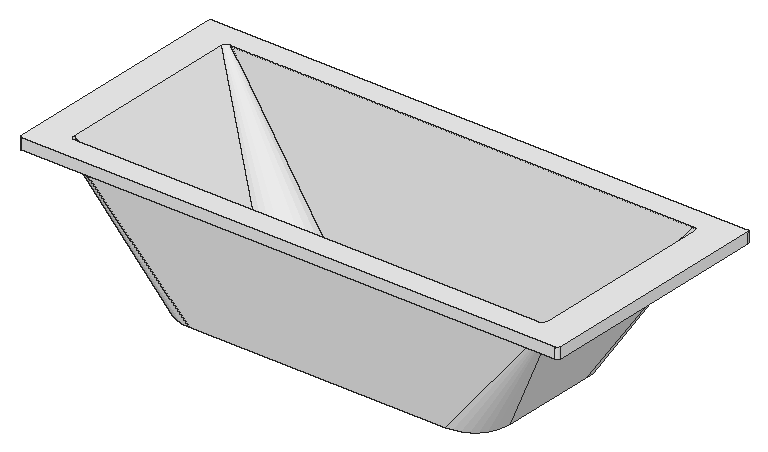
Revit family "NLRS_74_PF_UN_bad_S8B13903000_SPHINX_BCB", category Plumbing Fixtures, Revit 2016
Family settings
  Part Type = Normal
  Round Connector Dimension = Use Radius
  OmniClass Number = 23.45.00.00
  OmniClass Title = Sanitary, Laundry, and Cleaning Equipment
  Work Plane-Based = No
  Always vertical = Yes
  Cut with Voids When Loaded = No
  Shared = No
  Room Calculation Point = No
Parameters
  NLRS_C_type = ""
  NLRS_C_serie = ""
  radius = NLRS_C_diameter_uit / 2  # 25 mm
  NLRS_C_revit_versie = "2016"
  NLRS_C_content_versie = "2.0"
  NLRS_C_content_provider = "BouwConnect"
  NLRS_C_content_datum_uitgifte = "APR-2018"
  NLRS_C_content_datum_gewijzigd = "APR-2018"
  NLRS_C_content_creator = "BouwConnect"
  NLRS_C_URL_product_data = "http://www.sphinx.nl/producten/baden/rechthoekige-baden/sphinx-b55-%7C-duobad-b55supero/36840/"
  NLRS_C_code_artikel = "S8B13903000"
  WFU = 0
  URL = "http://www.sphinx.nl/"
  NLRS_S_gewicht = 0.00 kg
  NLRS_C_materiaal = NLRS_n6_acryl_wit_Sphinx
  NLRS_C_lengte = 1800 mm
  NLRS_C_hoogte = 464 mm
  NLRS_C_diameter_uit = 50 mm
  NLRS_C_breedte = 800 mm
  Model = ""
  Manufacturer = "Sphinx"
  Keynote = ""
  IfcTypeProduct = "IfcSanitaryTerminalType"
  IfcExportType = "BATH"
  IfcExportAs = "IfcSanitaryTerminalTypeEnum"
  IfcElement = "IfcFlowTerminal"
  NLRS_C_code_EAN = ""
  Description = "bad"
  NLRS_C_URL_BCB = "http://bcb-online.nl/?zoekterm=Sphinx+++%5bGeberit+B.V.%5d"
  Assembly Code = ""
Reference planes
  plane 1 "Center (Front/Back)": y = 0
  plane 2: z = 0
  plane 3 "Center (Left/Right)": x = 0
  plane 4: z = -455
  plane 5: z = -35
Forms (mm)
  Extrusion 1, solid, material "NLRS_n6_acryl_wit_Sphinx" <- "NLRS_C_materiaal", detail levels medium+fine
    sketch origin (0, 0, 0) x (1, 0, 0) y (0, 1, 0)
      loop
        arc (-890, 400) -> (-897.071, 397.071) -> (-900, 390) r 10
        line (-900, 390) -> (-900, -390)
        arc (-900, -390) -> (-897.071, -397.071) -> (-890, -400) r 10
        line (-890, -400) -> (890, -400)
        arc (890, -400) -> (897.071, -397.071) -> (900, -390) r 10
        line (900, -390) -> (900, 390)
        arc (900, 390) -> (897.071, 397.071) -> (890, 400) r 10
        line (890, 400) -> (-890, 400)
    from -35 to 0
  Blend 2, solid, material "NLRS_n6_acryl_wit_Sphinx" <- "NLRS_C_materiaal", detail levels medium+fine
    base sketch origin (0, 0, 0) x (1, 0, 0) y (0, 1, 0)
      loop
        line (-550, 160) -> (-550, -160)
        arc (-550, -160) -> (-514.853, -244.853) -> (-430, -280) r 120
        line (-430, -280) -> (430, -280)
        arc (430, -280) -> (514.853, -244.853) -> (550, -160) r 120
        line (550, -160) -> (550, 160)
        arc (550, 160) -> (514.853, 244.853) -> (430, 280) r 120
        line (430, 280) -> (-430, 280)
        arc (-430, 280) -> (-514.853, 244.853) -> (-550, 160) r 120
    top sketch origin (0, 0, 0) x (1, 0, 0) y (0, 1, 0)
      loop
        arc (-780, 330) -> (-794.142, 324.142) -> (-800, 310) r 20
        line (-800, 310) -> (-800, -310)
        arc (-800, -310) -> (-794.142, -324.142) -> (-780, -330) r 20
        line (-780, -330) -> (780, -330)
        arc (780, -330) -> (794.142, -324.142) -> (800, -310) r 20
        line (800, -310) -> (800, 310)
        arc (800, 310) -> (794.142, 324.142) -> (780, 330) r 20
        line (780, 330) -> (-780, 330)
    from -455 to -35
  Blend 3, void, detail levels medium+fine
    base sketch origin (0, 0, 0) x (1, 0, 0) y (0, 1, 0)
      loop
        line (425, 275) -> (-425, 275)
        arc (-425, 275) -> (-509.853, 239.853) -> (-545, 155) r 120
        line (-545, 155) -> (-545, -155)
        arc (-545, -155) -> (-509.853, -239.853) -> (-425, -275) r 120
        line (-425, -275) -> (425, -275)
        arc (425, -275) -> (509.853, -239.853) -> (545, -155) r 120
        line (545, -155) -> (545, 155)
        arc (545, 155) -> (509.853, 239.853) -> (425, 275) r 120
    top sketch origin (0, 0, 0) x (1, 0, 0) y (0, 1, 0)
      loop
        line (780, 325) -> (-780, 325)
        arc (-780, 325) -> (-790.607, 320.607) -> (-795, 310) r 15
        line (-795, 310) -> (-795, -310)
        arc (-795, -310) -> (-790.607, -320.607) -> (-780, -325) r 15
        line (-780, -325) -> (780, -325)
        arc (780, -325) -> (790.607, -320.607) -> (795, -310) r 15
        line (795, -310) -> (795, 310)
        arc (795, 310) -> (790.607, 320.607) -> (780, 325) r 15
    from -430 to 10
  Extrusion 4, solid, material "NLRS_n6_acryl_wit_Sphinx" <- "NLRS_C_materiaal", detail levels coarse
    sketch origin (0, 0, 0) x (1, 0, 0) y (0, 1, 0)
      loop
        arc (-890, 400) -> (-897.071, 397.071) -> (-900, 390) r 10
        line (-900, 390) -> (-900, -390)
        arc (-900, -390) -> (-897.071, -397.071) -> (-890, -400) r 10
        line (-890, -400) -> (890, -400)
        arc (890, -400) -> (897.071, -397.071) -> (900, -390) r 10
        line (900, -390) -> (900, 390)
        arc (900, 390) -> (897.071, 397.071) -> (890, 400) r 10
        line (890, 400) -> (-890, 400)
    from -455 to 0
  Extrusion 5, void
    sketch origin (0, 0, 0) x (1, 0, 0) y (0, 1, 0)
      loop
        arc (-800, -310) -> (-794.142, -324.142) -> (-780, -330) r 20
        line (-780, -330) -> (780, -330)
        arc (780, -330) -> (794.142, -324.142) -> (800, -310) r 20
        line (800, -310) -> (800, 310)
        arc (800, 310) -> (794.142, 324.142) -> (780, 330) r 20
        line (780, 330) -> (-780, 330)
        arc (-780, 330) -> (-794.142, 324.142) -> (-800, 310) r 20
        line (-800, 310) -> (-800, -310)
    from -400 to 10
  Extrusion 6, solid, not visible
    sketch origin (0, 0, 0) x (1, 0, 0) y (0, 1, 0)
      loop
        circle (0, -130) r 49.854
    from -455 to -450
Cuts and joins
  Blend 3 cuts Extrusion 1
  Blend 3 cuts Blend 2
  joined: Extrusion 1, Blend 2
  Extrusion 5 cuts Extrusion 4
Dimensions and locks
  aligned and locked: level to plane 2
Connectors
  piping at (0, -130, -455), diameter 50, driven by "radius", driven by "WFU"
    settings: on Extrusion 6, index 1, connector inside diameter 609.6 mm, connector length 0 mm, flow factor 0, pipe flow 0.0 L/s, pressure drop 0.0 Pa, fitting loss kfactor 0, connector angle 0.00°, fixture units 0, engagement length 0 mm, angle of deflection 0.00°, flow configuration 3, flow direction 2, fitting loss method 0, system type 16, joint type 0, gender type 0, connector reference index -1, connector utility 0, adjustable connector no, is connector primary yes, connector description "out"
